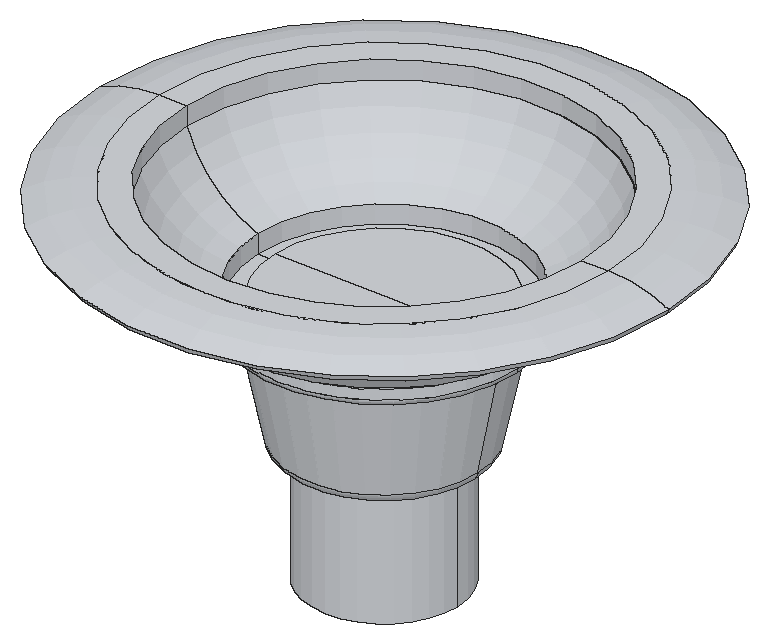
Revit family "F12S", category Lighting Fixtures, host Face, Revit 2025
Family settings
  Host = Face
  Round Connector Dimension = Use Diameter
  Part Type = Normal
  Cut with Voids When Loaded = Yes
  Light Source = No
  Maintain Annotation Orientation = Yes
  Shared = No
  Room Calculation Point = No
Parameters (values of type "LB6LEDA10L-30K-9-SA/DBXQL-DM")
  URL = "https://hubbellcdn.com/specsheet/lb_led_009.pdf"
  Type Comments = ""
  Model = "LB6LEDA10L-30K-9-SA/DBXQL-DM"
  Manufacturer = "Prescolite"
  Default Elevation = 48"
Reference planes (in)
  plane 1 "Center (Front/Back)": y = 0
  plane 2: z = 0
  plane 3 "Center (Left/Right)": x = 0
  plane 4: x = 3.0625
  plane 5: x = 3.84375
  plane 6: z = 0.0625
  plane 7: x = 1.8125
  plane 8: x = 1.25
  plane 9: x = 1.5625
  plane 10: x = 1.8125
  plane 11: x = 1.25
  plane 12: x = 1.5625
Forms (in)
  Revolve 1, solid, detail levels medium+fine
    sketch origin (0, 0, 0) x (1, 0, 0) y (0, 0, 1)
      loop
        line (2.69009, 0.25) -> (2.69009, 0) -> (3.84375, 0) -> (3.875, 0.0625)
        arc (3.875, 0.0625) -> (3.47943, 0.20252) -> (3.0625, 0.25) r 1.85417
        line (3.0625, 0.25) -> (2.69009, 0.25)
      axis (0, 0) -> (0, 0.25)
    angle from 0 to 360
  Revolve 2, solid, detail levels medium+fine
    sketch origin (0, 0, 0) x (1, 0, 0) y (0, 0, 1)
      loop
        arc (2.69009, 0) -> (2.31644, -0.59369) -> (1.72473, -0.97047) r 1.59988
        line (1.72473, -0.97047) -> (1.72473, -1.21875) -> (1.47473, -1.21875) -> (1.47473, -1.12616) -> (0, -1.12616) -> (0, -2.96875) -> (1.11903, -2.96875)
        arc (1.11903, -2.96875) -> (1.22065, -2.93265) -> (1.27671, -2.84054) r 0.16106
        line (1.27671, -2.84054) -> (1.55477, -1.50584)
        arc (1.55477, -1.50584) -> (1.57099, -1.47919) -> (1.60039, -1.46875) r 0.04659
        line (1.60039, -1.46875) -> (1.72473, -1.46875)
        arc (1.72473, -1.46875) -> (1.78679, -1.44304) -> (1.8125, -1.38098) r 0.08777
        line (1.8125, -1.38098) -> (1.8125, -1.24655)
        arc (1.8125, -1.24655) -> (1.82309, -1.21232) -> (1.85117, -1.19007) r 0.06057
        arc (1.85117, -1.19007) -> (2.53952, -0.72224) -> (2.95313, 0) r 1.84988
        line (2.95313, 0) -> (2.69009, 0)
      axis (0, -2.96875) -> (0, 0)
    angle from 0 to 360
  Revolve 3, solid, detail levels medium+fine
    sketch origin (0, 0, 0) x (1, 0, 0) y (0, 0, 1)
      loop
        arc (1, -3.0166) -> (0.98592, -2.98261) -> (0.95193, -2.96853) r 0.04807
        line (0.95193, -2.96853) -> (0, -2.96853) -> (0, -4.5625) -> (1, -4.5625) -> (1, -3.0166)
      axis (0, -2.96853) -> (0, -4.5625)
    angle from 0 to 360
  Revolve 4, void
    sketch origin (0, 0, 0) x (1, 0, 0) y (0, 0, 1)
      loop
        arc (1.72473, -0.97047) -> (2.31644, -0.59369) -> (2.69009, 0) r 1.59988
        line (2.69009, 0) -> (2.69009, 0.27765) -> (0, 0.27765) -> (0, -1.12616) -> (1.47473, -1.12616) -> (1.47473, -1.21875) -> (1.72473, -1.21875) -> (1.72473, -0.97047)
      axis (0, 0.27765) -> (0, -1.21875)
    angle from 0 to 360
Cuts and joins
  Revolve 4 cuts Revolve 1
  Revolve 4 cuts Revolve 2
Dimensions and locks (in)
  plane 4 to plane 3 "Center (Left/Right)" = 3 1/16"
  plane 5 to plane 3 "Center (Left/Right)" = 3 27/32"  (x2)
  plane 7 to plane 3 "Center (Left/Right)" = 1 13/16"
  aligned and locked: plane 2 to host face
  aligned and locked: level to host face
Nested families (in)
  nested 1: "Face Symbol" at (0, 0, 0), type "Standard", detail levels coarse
Connectors (in)
  electrical at (0, 0, -4.5625)
    settings: on Revolve 3, index 1, voltage 0 V, apparent load 0 VA, apparent load phase1 0 VA, apparent load phase2 0 VA, apparent load phase3 0 VA, power factor 1, load classification "Other", number of poles 1, system type 31, power factor state 1, is connector primary yes, connector utility no, sub classification motor no, connector description ""
Definition of nested family "Face Symbol"
  Reference planes (in)
    plane 1: y = 0
    plane 2: x = 0
  Lines and regions (in)
    detail lines
      curve 1: circle (0, 0, 0) r 0.125 normal (0, 0, 1)
